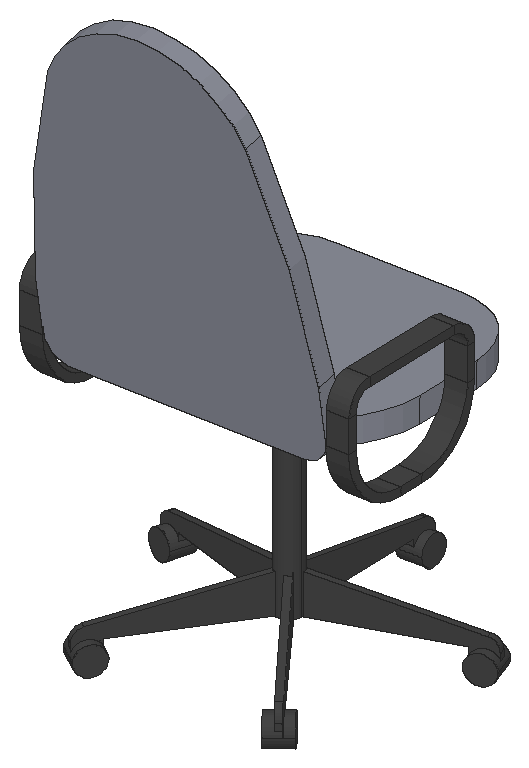
Revit family "computer desk", category Entourage, Revit 2012
Parameters (values of type "Chair-Executive-taller")
  Assembly Code = "E2020200"
  Base/Arms Material = Plastic - Black
  Casters Material = Plastic - Black
  Seat/Back Material = Textile - Slate Blue
Reference planes (in)
  plane 1 "Center (Front/Back)": y = 0.7459
  plane 2: z = 0
  plane 3 "Center (Left/Right)": x = 5.55082
  plane 4: x = 18.05082
  plane 5: x = -6.94918
  plane 6: y = -12.7541
  plane 7: y = 14.2459
  plane 8: z = 42
  plane 9 "Seat": z = 18
  plane 10: x = 7.55082
  plane 11: x = 3.55082
  plane 12: through (0, -5.18709, -0.91462) normal (0, -0.9848, -0.1736)
  plane 13: x = 16.30082
  plane 14: x = -5.19918
Forms (in)
  Extrusion 1, solid, material "Plastic - Black" <- "Base/Arms Material"
    sketch origin (7.55082, 0, 3.98829) x (0, -1, 0) y (0, 0, 1)
      loop
        line (0.7541, 15.10959) -> (-2.7459, 15.10959) -> (-2.7459, 14.60959) -> (-0.7459, 11.14549) -> (0.7541, 11.14549) -> (0.7541, 15.10959)
    from 0 to 4
  Extrusion 2, solid, material "Plastic - Black" <- "Base/Arms Material"
    sketch origin (5.55082, 0, 0) x (0, 1, 0) y (0, 0, 1)
      loop
        line (0.7459, 2.10959) -> (12.2459, 2.10959) -> (12.2459, 1.10959) -> (14.2459, 1.10959) -> (14.2459, 2.0664)
        arc (14.2459, 2.0664) -> (14.01195, 2.70919) -> (13.41955, 3.05121) r 1
        line (13.41955, 3.05121) -> (1.7459, 5.10959) -> (0.7459, 5.10959) -> (0.7459, 2.10959)
    from 0.25 to -0.25
  Extrusion 3, solid, material "Plastic - Black" <- "Casters Material"
    sketch origin (5.55082, 0, 0) x (0, 1, 0) y (0, 0, 1)
      loop
        circle (13.2459, 1.10959) r 1.11025
    from 1 to -1
  Extrusion 4, solid, material "Plastic - Black" <- "Base/Arms Material"
    sketch origin (6.26021, 0.51541, 0) x (-0.951057, 0.309017, 0) y (0, 0, 1)
      loop
        line (0.7459, 2.10959) -> (12.2459, 2.10959) -> (12.2459, 1.10959) -> (14.2459, 1.10959) -> (14.2459, 2.0664)
        arc (14.2459, 2.0664) -> (14.01195, 2.70919) -> (13.41955, 3.05121) r 1
        line (13.41955, 3.05121) -> (1.7459, 5.10959) -> (0.7459, 5.10959) -> (0.7459, 2.10959)
    from 0.25 to -0.25
  Extrusion 5, solid, material "Plastic - Black" <- "Casters Material"
    sketch origin (6.26021, 0.51541, 0) x (-0.951057, 0.309017, 0) y (0, 0, 1)
      loop
        circle (13.2459, 1.10959) r 1.11025
    from 1 to -1
  Extrusion 6, solid, material "Plastic - Black" <- "Base/Arms Material"
    sketch origin (5.98925, 1.34935, 0) x (-0.587785, -0.809017, 0) y (0, 0, 1)
      loop
        line (0.7459, 2.10959) -> (12.2459, 2.10959) -> (12.2459, 1.10959) -> (14.2459, 1.10959) -> (14.2459, 2.0664)
        arc (14.2459, 2.0664) -> (14.01195, 2.70919) -> (13.41955, 3.05121) r 1
        line (13.41955, 3.05121) -> (1.7459, 5.10959) -> (0.7459, 5.10959) -> (0.7459, 2.10959)
    from 0.25 to -0.25
  Extrusion 7, solid, material "Plastic - Black" <- "Casters Material"
    sketch origin (5.98925, 1.34935, 0) x (-0.587785, -0.809017, 0) y (0, 0, 1)
      loop
        circle (13.2459, 1.10959) r 1.11025
    from 1 to -1
  Extrusion 8, solid, material "Plastic - Black" <- "Base/Arms Material"
    sketch origin (5.11239, 1.34935, 0) x (0.587785, -0.809017, 0) y (0, 0, 1)
      loop
        line (0.7459, 2.10959) -> (12.2459, 2.10959) -> (12.2459, 1.10959) -> (14.2459, 1.10959) -> (14.2459, 2.0664)
        arc (14.2459, 2.0664) -> (14.01195, 2.70919) -> (13.41955, 3.05121) r 1
        line (13.41955, 3.05121) -> (1.7459, 5.10959) -> (0.7459, 5.10959) -> (0.7459, 2.10959)
    from 0.25 to -0.25
  Extrusion 9, solid, material "Plastic - Black" <- "Casters Material"
    sketch origin (5.11239, 1.34935, 0) x (0.587785, -0.809017, 0) y (0, 0, 1)
      loop
        circle (13.2459, 1.10959) r 1.11025
    from 1 to -1
  Extrusion 10, solid, material "Plastic - Black" <- "Base/Arms Material"
    sketch origin (4.84143, 0.51541, 0) x (0.951057, 0.309017, 0) y (0, 0, 1)
      loop
        line (0.7459, 2.10959) -> (12.2459, 2.10959) -> (12.2459, 1.10959) -> (14.2459, 1.10959) -> (14.2459, 2.0664)
        arc (14.2459, 2.0664) -> (14.01195, 2.70919) -> (13.41955, 3.05121) r 1
        line (13.41955, 3.05121) -> (1.7459, 5.10959) -> (0.7459, 5.10959) -> (0.7459, 2.10959)
    from 0.25 to -0.25
  Extrusion 11, solid, material "Plastic - Black" <- "Casters Material"
    sketch origin (4.84143, 0.51541, 0) x (0.951057, 0.309017, 0) y (0, 0, 1)
      loop
        circle (13.2459, 1.10959) r 1.11025
    from 1 to -1
  Extrusion 12, solid, material "Plastic - Black" <- "Base/Arms Material"
    sketch origin (0, 0, 0) x (1, 0, 0) y (0, 1, 0)
      loop
        circle (5.55082, 0.7459) r 1
    from 2.10959 to 20.125
  Extrusion 13, solid, material "Textile - Slate Blue" <- "Seat/Back Material"
    sketch origin (0, 0, 0) x (1, 0, 0) y (0, 1, 0)
      loop
        arc (0.80082, 11.09827) -> (-3.44182, 9.34091) -> (-5.19918, 5.09827) r 6
        line (-5.19918, 5.09827) -> (-5.19918, -0.2541)
        arc (-5.19918, -0.2541) -> (-3.14893, -5.20385) -> (1.80082, -7.2541) r 7
        line (1.80082, -7.2541) -> (9.30082, -7.2541)
        arc (9.30082, -7.2541) -> (14.25057, -5.20385) -> (16.30082, -0.2541) r 7
        line (16.30082, -0.2541) -> (16.30082, 5.09827)
        arc (16.30082, 5.09827) -> (14.54346, 9.34091) -> (10.30082, 11.09827) r 6
        line (10.30082, 11.09827) -> (0.80082, 11.09827)
    from 19.10938 to 21
  Extrusion 14, solid, material "Textile - Slate Blue" <- "Seat/Back Material"
    sketch origin (0, -5.18709, -0.91462) x (0, 0.173648, -0.984808) y (1, 0, 0)
      loop
        line (-21.04394, -3.19918) -> (-21.04394, 14.30082)
        arc (-21.04394, 14.30082) -> (-21.62973, 15.71503) -> (-23.04394, 16.30082) r 2
        line (-23.04394, 16.30082) -> (-27.04394, 16.30082)
        arc (-27.04394, 16.30082) -> (-35.47709, 15.26623) -> (-43.67955, 13.05082) r 60
        arc (-43.67955, 13.05082) -> (-48.89567, 5.55082) -> (-43.67955, -1.94918) r 8
        arc (-43.67955, -1.94918) -> (-35.47709, -4.16459) -> (-27.04394, -5.19918) r 60
        line (-27.04394, -5.19918) -> (-23.04394, -5.19918)
        arc (-23.04394, -5.19918) -> (-21.62973, -4.61339) -> (-21.04394, -3.19918) r 2
    from 0 to -1.5
  Sweep 15, solid, material "Plastic - Black" <- "Base/Arms Material"
    path origin (16.30082, 0, 0) x (0, 1, 0) y (0, 0, 1)
      loop
        arc (-2.2541, 16.5) -> (1.28144, 17.96447) -> (2.7459, 21.5) r 5
        line (2.7459, 21.5) -> (2.7459, 24)
        arc (2.7459, 24) -> (2.16012, 25.41421) -> (0.7459, 26) r 2
        line (0.7459, 26) -> (-7.2541, 26)
        arc (-7.2541, 26) -> (-8.66831, 25.41421) -> (-9.2541, 24) r 2
        line (-9.2541, 24) -> (-9.2541, 21.5)
        arc (-9.2541, 21.5) -> (-7.78963, 17.96447) -> (-4.2541, 16.5) r 5
        line (-4.2541, 16.5) -> (-2.2541, 16.5)
    profile origin (16.30082, -3.2541, 0) x (0, 0, -1) y (1, 0, 0)
      loop
        line (-16.5548, 0) -> (-16.5548, 1.75) -> (-17.1798, 1.75) -> (-17.1798, 0) -> (-16.5548, 0)
  Sweep 16, solid, material "Plastic - Black" <- "Base/Arms Material"
    path origin (-5.19918, 0, 0) x (0, 1, 0) y (0, 0, 1)
      loop
        arc (-2.2541, 16.5) -> (1.28144, 17.96447) -> (2.7459, 21.5) r 5
        line (2.7459, 21.5) -> (2.7459, 24)
        arc (2.7459, 24) -> (2.16012, 25.41421) -> (0.7459, 26) r 2
        line (0.7459, 26) -> (-7.2541, 26)
        arc (-7.2541, 26) -> (-8.66831, 25.41421) -> (-9.2541, 24) r 2
        line (-9.2541, 24) -> (-9.2541, 21.5)
        arc (-9.2541, 21.5) -> (-7.78963, 17.96447) -> (-4.2541, 16.5) r 5
        line (-4.2541, 16.5) -> (-2.2541, 16.5)
    profile origin (-26.69918, -3.2541, 0) x (0, 0, -1) y (1, 0, 0)
      loop
        line (-16.5548, 21.5) -> (-17.1798, 21.5) -> (-17.1798, 19.75) -> (-16.5548, 19.75) -> (-16.5548, 21.5)
Lines and regions (in)
  Masking region 1
    outline origin (0, 0, 18) x (0, -1, 0) y (1, 0, 0)
      loop
        line (-2.69111, -5.69332) -> (-2.69111, -6.94918) -> (7.2541, -6.94918) -> (7.2541, -5.69332) -> (-2.69111, -5.69332)
      loop
        line (-2.69111, 16.77824) -> (7.2541, 16.77824) -> (7.2541, 18.05082) -> (-2.69111, 18.05082) -> (-2.69111, 16.77824)
      loop
        line (-4.11084, -5.19918) -> (2.60765, -5.19918)
        arc (2.60765, -5.19918) -> (4.19218, -5.01748) -> (5.69445, -4.48183) r 7
        arc (5.69445, -4.48183) -> (6.29075, -4.82231) -> (6.96717, -4.94047) r 1.99522
        line (6.96717, -4.94047) -> (8.74309, -4.94047)
        arc (8.74309, -4.94047) -> (9.44556, -4.6495) -> (9.73653, -3.94703) r 0.99344
        line (9.73653, -3.94703) -> (9.73653, -3.30118) -> (10.8528, -1.64007) -> (9.73653, -0.82904) -> (9.73653, 11.93068) -> (10.8528, 12.74171) -> (9.73653, 14.27813) -> (9.73653, 15.04821)
        arc (9.73653, 15.04821) -> (9.44556, 15.75067) -> (8.74309, 16.04164) r 0.99343
        line (8.74309, 16.04164) -> (6.96698, 16.04164)
        arc (6.96698, 16.04164) -> (6.29084, 15.92357) -> (5.69473, 15.58333) r 1.99503
        arc (5.69473, 15.58333) -> (4.19233, 16.11909) -> (2.60765, 16.30082) r 7
        line (2.60765, 16.30082) -> (-4.51882, 16.30082) -> (-3.31447, 16.69214) -> (-4.00064, 18.80395) -> (-5.90276, 18.18592) -> (-5.28926, 16.29778)
        arc (-5.28926, 16.29778) -> (-9.40791, 14.47539) -> (-11.09827, 10.30082) r 6
        line (-11.09827, 10.30082) -> (-11.09827, 5.80082) -> (-12.13565, 5.80082) -> (-12.13565, 6.55082) -> (-14.35615, 6.55082) -> (-14.35615, 4.55082) -> (-12.13565, 4.55082) -> (-12.13565, 5.30082) -> (-11.09827, 5.30082) -> (-11.09827, 0.80082)
        arc (-11.09827, 0.80082) -> (-9.34091, -3.44182) -> (-5.09827, -5.19918) r 6
        line (-5.09827, -5.19918) -> (-5.90276, -7.08428) -> (-4.00064, -7.70231) -> (-3.31447, -5.5905) -> (-4.11084, -5.19918)
  symbolic lines
    curve 1: line (-3.94703, -9.73653, 18) -> (15.04821, -9.73653, 18)
    curve 2: line (-4.94047, -8.74309, 18) -> (-4.94047, -6.96717, 18)
    curve 3: line (-2.94526, -4.97195, 18) -> (14.04661, -4.97195, 18)
    curve 4: line (16.04164, -8.74309, 18) -> (16.04164, -6.96698, 18)
    curve 5: arc (-2.94526, -4.97195, 18) -> (-4.35609, -5.55634, 18) -> (-4.94047, -6.96717, 18) r 1.99522
    curve 6: arc (14.04661, -4.97195, 18) -> (15.45731, -5.55629, 18) -> (16.04164, -6.96698, 18) r 1.99503
    curve 7: arc (-4.94047, -8.74309, 18) -> (-4.6495, -9.44556, 18) -> (-3.94703, -9.73653, 18) r 0.99344
    curve 8: arc (16.04164, -8.74309, 18) -> (15.75067, -9.44556, 18) -> (15.04821, -9.73653, 18) r 0.99343
    curve 9: line (0.80082, 11.09827, 18) -> (10.30082, 11.09827, 18)
    curve 10: line (-5.19918, 5.09827, 18) -> (-5.19918, -2.60765, 18)
    curve 11: line (16.30082, 5.09827, 18) -> (16.30082, -2.60765, 18)
    curve 12: arc (0.80082, 11.09827, 18) -> (-3.44182, 9.34091, 18) -> (-5.19918, 5.09827, 18) r 6
    curve 13: arc (10.30082, 11.09827, 18) -> (14.54346, 9.34091, 18) -> (16.30082, 5.09827, 18) r 6
    curve 14: arc (16.30082, -2.60765, 18) -> (16.11909, -4.19233, 18) -> (15.58333, -5.69473, 18) r 7
    curve 15: arc (-5.19918, -2.60765, 18) -> (-5.01748, -4.19218, 18) -> (-4.48183, -5.69445, 18) r 7
    curve 16: line (4.55082, 14.35615, 18) -> (6.55082, 14.35615, 18)
    curve 17: line (4.55082, 14.35615, 18) -> (4.55082, 12.13565, 18)
    curve 18: line (4.55082, 12.13565, 18) -> (6.55082, 12.13565, 18)
    curve 19: line (6.55082, 14.35615, 18) -> (6.55082, 12.13565, 18)
    curve 20: line (16.29778, 5.28926, 18) -> (18.18592, 5.90276, 18)
    curve 21: line (18.18592, 5.90276, 18) -> (18.80395, 4.00064, 18)
    curve 22: line (18.80395, 4.00064, 18) -> (16.69214, 3.31447, 18)
    curve 23: line (16.69214, 3.31447, 18) -> (16.30082, 4.51882, 18)
    curve 24: line (11.93068, -9.73653, 18) -> (12.74171, -10.8528, 18)
    curve 25: line (12.74171, -10.8528, 18) -> (14.27813, -9.73653, 18)
    curve 26: line (-0.82904, -9.73653, 18) -> (-1.64007, -10.8528, 18)
    curve 27: line (-1.64007, -10.8528, 18) -> (-3.30118, -9.73653, 18)
    curve 28: line (-7.70231, 4.00064, 18) -> (-7.08428, 5.90276, 18)
    curve 29: line (-7.08428, 5.90276, 18) -> (-5.19918, 5.09827, 18)
    curve 30: line (-7.70231, 4.00064, 18) -> (-5.5905, 3.31447, 18)
    curve 31: line (-5.5905, 3.31447, 18) -> (-5.19918, 4.11084, 18)
    curve 32: line (5.30082, 12.13565, 18) -> (5.80082, 12.13565, 18)
    curve 33: line (5.30082, 12.13565, 18) -> (5.30082, 11.09827, 18)
    curve 34: line (5.30082, 11.09827, 18) -> (5.80082, 11.09827, 18)
    curve 35: line (5.80082, 12.13565, 18) -> (5.80082, 11.09827, 18)
    curve 36: line (-6.94918, 2.69111, 18) -> (-5.69332, 2.69111, 18)
    curve 37: line (-6.94918, 2.69111, 18) -> (-6.94918, -7.2541, 18)
    curve 38: line (-6.94918, -7.2541, 18) -> (-5.69332, -7.2541, 18)
    curve 39: line (-5.69332, 2.69111, 18) -> (-5.69332, -7.2541, 18)
    curve 40: line (18.05082, 2.69111, 18) -> (16.77824, 2.69111, 18)
    curve 41: line (18.05082, 2.69111, 18) -> (18.05082, -7.2541, 18)
    curve 42: line (18.05082, -7.2541, 18) -> (16.77824, -7.2541, 18)
    curve 43: line (16.77824, 2.69111, 18) -> (16.77824, -7.2541, 18)
Dimensions and locks (in)
  equal spacing: plane 5, plane 3 "Center (Left/Right)", plane 4
  plane 5 to plane 4 = 2' - 1"
  equal spacing: plane 6, plane 1 "Center (Front/Back)", plane 7
  plane 6 to plane 7 = 2' - 3"
Automatic sketch dimensions
  curve 13 to plane 13 = 0' - 0"
  curve 29 to plane 14 = 0' - 0"
  curve 37 to plane 5 = 0' - 0"
  curve 40 to plane 4 = 0' - 0"
  curve 16 to plane 7 = 0' - 0.11025"
  plane 3 "Center (Left/Right)" to curve 32 = 0' - 0 1/4"
  plane 7 to curve 32 = 0' - 2.11025"
  curve 19 to curve 32 = 0' - 0"
  curve 33 to plane 3 "Center (Left/Right)" = 0' - 0 1/4"
  curve 32 to curve 33 = 0' - 1.03738"
  plane 7 to curve 13 = 0' - 3.14763"
  plane 5 to curve 28 = 0' - 0.1351"
  curve 20 to plane 4 = 0' - 0.1351"
  curve 20 to plane 13 = 0' - 0.00304"
  curve 20 to curve 20 = 0' - 0.61349"
  curve 28 to curve 10 = 0' - 0.80448"
  plane 11 to curve 12 = 0' - 2 3/4"
  curve 20 to curve 13 = 0' - 0.19099"
  curve 11 to curve 23 = 0' - 0.57945"
  curve 10 to curve 31 = 0' - 0.98743"
  plane 5 to curve 30 = 0' - 0.75313"
  plane 13 to curve 23 = 0' - 0.39132"
  curve 31 to plane 14 = 0' - 0.39132"
  curve 31 to curve 31 = 0' - 0.79637"
  curve 22 to curve 43 = 0' - 0.62337"
  curve 30 to curve 36 = 0' - 0.62337"
  plane 1 "Center (Front/Back)" to curve 15 = 0' - 3.35355"
  curve 14 to curve 3 = 0' - 2.3643"
  plane 14 to curve 15 = 0' - 0.71735"
  curve 3 to curve 15 = 0' - 0.72249"
  curve 14 to plane 13 = 0' - 0.71749"
  curve 3 to curve 14 = 0' - 0.72277"
  curve 4 to plane 13 = 0' - 0.25918"
  plane 14 to curve 5 = 0' - 0.25871"
  curve 4 to curve 43 = 0' - 0.28712"
  curve 2 to curve 38 = 0' - 0.28693"
  curve 2 to curve 7 = 0' - 1.77592"
  curve 24 to plane 6 = 0' - 3.01757"
  curve 8 to curve 8 = 0' - 0.99343"
  curve 7 to curve 27 = 0' - 0.99344"
  curve 26 to curve 26 = 0' - 1.11628"
  curve 24 to curve 25 = 0' - 1.11628"
  curve 39 to plane 14 = 0' - 0.49414"
  curve 1 to curve 27 = 0' - 0.64586"
  curve 27 to curve 27 = 0' - 1.66111"
  curve 26 to curve 26 = 0' - 0.81102"
  curve 16 to plane 3 "Center (Left/Right)" = 0' - 1"
  plane 3 "Center (Left/Right)" to curve 16 = 0' - 1"
  curve 24 to curve 24 = 0' - 0.81102"
  curve 25 to curve 8 = 0' - 0.77008"
  plane 13 to curve 43 = 0' - 0.47742"
  Masking region 1 sketch curve to plane 14 = 0' - 0"  (x2)
  Masking region 1 sketch curve to plane 4 = 0' - 0"
  Masking region 1 sketch curve to plane 5 = 0' - 0"
  plane 5 to Masking region 1 sketch curve = 0' - 0.1351"
  Masking region 1 sketch curve to plane 1 "Center (Front/Back)" = 0' - 5.15685"
  Masking region 1 sketch curve to Masking region 1 sketch curve = 0' - 0.80448"
  Masking region 1 sketch curve to Masking region 1 sketch curve = 0' - 0.98743"
  plane 5 to Masking region 1 sketch curve = 0' - 0.75313"
  Masking region 1 sketch curve to Masking region 1 sketch curve = 0' - 1.90211"
  Masking region 1 sketch curve to plane 14 = 0' - 0.39132"
  Masking region 1 sketch curve to plane 1 "Center (Front/Back)" = 0' - 1.9452"
  Masking region 1 sketch curve to Masking region 1 sketch curve = 0' - 0.62337"  (x2)
  plane 1 "Center (Front/Back)" to Masking region 1 sketch curve = 0' - 3.35355"  (x2)
  plane 14 to Masking region 1 sketch curve = 0' - 0.71735"
  Masking region 1 sketch curve to Masking region 1 sketch curve = 0' - 3.0868"
  Masking region 1 sketch curve to plane 13 = 0' - 0.71749"
  Masking region 1 sketch curve to Masking region 1 sketch curve = 0' - 3.08708"
  Masking region 1 sketch curve to plane 13 = 0' - 0.25918"
  Masking region 1 sketch curve to Masking region 1 sketch curve = 0' - 1.27225"
  Masking region 1 sketch curve to Masking region 1 sketch curve = 0' - 1.27272"
  Masking region 1 sketch curve to Masking region 1 sketch curve = 0' - 0.28712"
  Masking region 1 sketch curve to Masking region 1 sketch curve = 0' - 0.28693"
  Masking region 1 sketch curve to Masking region 1 sketch curve = 0' - 1.77592"
  Masking region 1 sketch curve to Masking region 1 sketch curve = 0' - 1.48899"
  Masking region 1 sketch curve to Masking region 1 sketch curve = 0' - 0.99343"
  Masking region 1 sketch curve to plane 14 = 0' - 0.49414"
  plane 14 to Masking region 1 sketch curve = 0' - 0.25871"
  plane 13 to Masking region 1 sketch curve = 0' - 0.47742"
  Masking region 1 sketch curve to plane 6 = 0' - 1.90129"
  Masking region 1 sketch curve to Masking region 1 sketch curve = 0' - 0.64586"
  Masking region 1 sketch curve to Masking region 1 sketch curve = 0' - 1.66111"
  Masking region 1 sketch curve to Masking region 1 sketch curve = 0' - 1.11628"  (x2)
  Masking region 1 sketch curve to Masking region 1 sketch curve = 0' - 0.81102"  (x2)
  Masking region 1 sketch curve to Masking region 1 sketch curve = 0' - 0.99344"
  Masking region 1 sketch curve to Masking region 1 sketch curve = 0' - 3.11753"
  Masking region 1 sketch curve to plane 4 = 0' - 0.1351"
  Masking region 1 sketch curve to plane 13 = 0' - 0.00304"
  Masking region 1 sketch curve to plane 4 = 0' - 0.75313"
  plane 13 to Masking region 1 sketch curve = 0' - 0.39132"
  Masking region 1 sketch curve to Masking region 1 sketch curve = 0' - 2.58828"
  plane 11 to Masking region 1 sketch curve = 0' - 2 3/4"
  Masking region 1 sketch curve to plane 10 = 0' - 2 3/4"
  Masking region 1 sketch curve to plane 13 = 0' - 0"
  plane 3 "Center (Left/Right)" to Masking region 1 sketch curve = 0' - 0 1/4"
  Masking region 1 sketch curve to Masking region 1 sketch curve = 0' - 0"  (x2)
  Masking region 1 sketch curve to Masking region 1 sketch curve = 0' - 1.03738"
  plane 3 "Center (Left/Right)" to Masking region 1 sketch curve = 0' - 1"
  Masking region 1 sketch curve to plane 7 = 0' - 0.11025"
  Masking region 1 sketch curve to plane 3 "Center (Left/Right)" = 0' - 1"
  Masking region 1 sketch curve to plane 3 "Center (Left/Right)" = 0' - 0 1/4"
